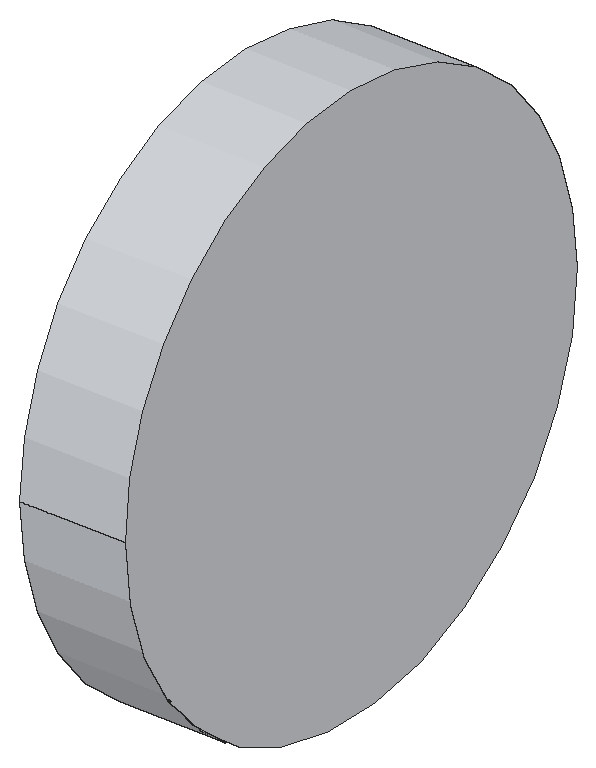
Revit family "fd2ccbddb00d457ba66031d6b4cc3202", category Pipe Fittings, Revit 2021
Family settings
  Round Connector Dimension = Use Radius
  Part Type = Flange
  OmniClass Number = 23.60.30.11.14
  OmniClass Title = Pipework Fittings
  Seek Item ID = Flange - Threaded - GI - Class 250-0000-USA-ENU
  Work Plane-Based = No
  Always vertical = Yes
  Cut with Voids When Loaded = No
  Shared = No
Parameters (values of type "Standard")
  Tick Size [instance] = Flange Diameter * 0.4  # 2.4000"
  Nominal Radius [instance] = 1.0000"
  Nominal Diameter [instance] = Nominal Radius * 2  # 2.0000"
  Loss Method = Not Defined
  Lookup Table Name = "Flange - Ring - Stainless Steel - Class 275"
  Flange Thickness [instance] = size_lookup(Lookup Table Name, "FThk", 0.05 * Nominal Diameter + 1.0800", Nominal Diameter)  # 1.1250"
  Flange Radius [instance] = Flange Diameter / 2  # 3.0000"
  Flange Diameter [instance] = size_lookup(Lookup Table Name, "FDia", 1.15 * Nominal Diameter + 4.4800", Nominal Diameter)  # 6.0000"
  Default Elevation = 0.0000"
Reference planes (in)
  plane 1 "Center (Front/Back)": y = 0
  plane 2: z = 0
  plane 3 "Center (Left/Right)": x = 0
  plane 4: y = 2.4
  plane 5: y = -2.4
  plane 6: x = 1.125
Forms (in)
  Extrusion 1, solid, detail levels fine
    sketch origin (0, 0, 0) x (0, 1, 0) y (0, 0, 1)
      loop
        circle (0, 0) r 3
    from 0 to 1.125
Lines and regions (in)
  model lines, detail levels coarse+medium
    curve 1: line (0.5625, 2.4, 0) -> (0.5625, -2.4, 0)
  model lines, style "PipeFitting", detail levels coarse+medium
    curve 2: line (1.125, 0, 0) -> (0, 0, 0)
Dimensions and locks (in)
  equal spacing: plane 4, plane 1 "Center (Front/Back)", plane 5
  "Tick Size": plane 4 to plane 1 "Center (Front/Back)"
  "Flange Thickness": plane 3 "Center (Left/Right)" to plane 6
  equal spacing: plane 3 "Center (Left/Right)", curve 1, plane 6
  "Flange Radius": radius of Extrusion 1 sketch curve
  aligned and locked: plane 4 to curve 1
  aligned and locked: plane 5 to curve 1
  aligned and locked: plane 1 "Center (Front/Back)" to curve 2
  aligned and locked: plane 6 to Extrusion 1
  aligned and locked: plane 6 to curve 2
  aligned and locked: Extrusion 1 to plane 3 "Center (Left/Right)"
  aligned and locked: plane 3 "Center (Left/Right)" to curve 2
Automatic sketch dimensions
  Extrusion 1 sketch curve to level = 0.0000"
  Extrusion 1 sketch curve to plane 1 "Center (Front/Back)" = 0.0000"
Connectors (in)
  piping at (0, 0, 0), diameter 2, driven by "Nominal Radius"
    settings: on Extrusion 1, index 1, connector inside diameter 2.0000", connector length 0.0000", flow factor 0, pipe flow 0 GPM, pressure drop 0.00 psi, fitting loss kfactor 0, connector angle 0.00°, fixture units 0, engagement length 0.0000", angle of deflection 0.00°, flow configuration 0, flow direction 0, fitting loss method 0, system type 28, joint type 0, gender type 0, connector reference index 2, connector utility 0, adjustable connector no, is connector primary yes, connector description ""
  piping at (1.125, 0, 0), diameter 2, driven by "Nominal Radius"
    settings: on Extrusion 1, index 2, connector inside diameter 2.0000", connector length 0.0000", flow factor 0, pipe flow 0 GPM, pressure drop 0.00 psi, fitting loss kfactor 0, connector angle 0.00°, fixture units 0, engagement length 0.0000", angle of deflection 0.00°, flow configuration 0, flow direction 0, fitting loss method 0, system type 28, joint type 0, gender type 0, connector reference index 1, connector utility 0, adjustable connector no, is connector primary no, connector description ""
